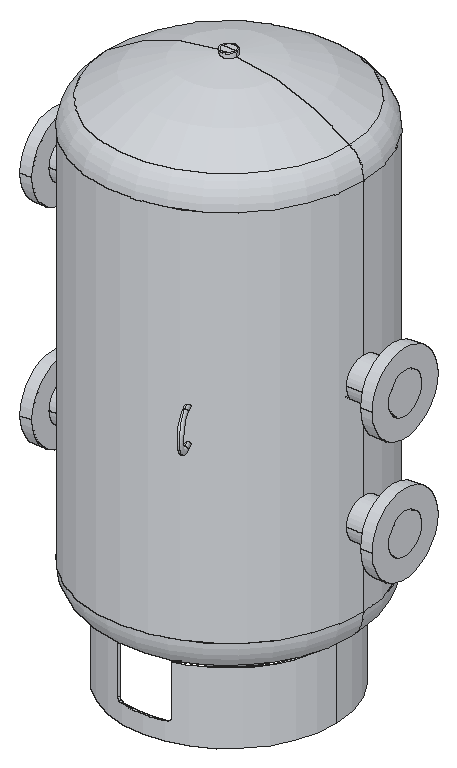
Revit family "HWBT-200-4-4-125 and 150", category Mechanical Equipment, Revit 2014
Parameters (values of type "HWBT-200-4-4-125 and 150")
  Tank Weight = "560 lbs @ 125, 617 lbs @ 150"
  Tank Volume = "200 Gal"
  Tank Height = "62 1/2\""
  Tank Diameter = "30\""
  Note = "All dimensions and weights are approximate"
  Maximum Acceptance Volume = "N/A"
  Max Operating Temp = "450° F"
  Max Operating Pressure = "125psi, or 150psi (depending on model)"
  Connector Size = "4\""
Reference planes (in)
  plane 1 "Center (Front/Back)": y = 0
  plane 2: z = 0
  plane 3 "Center (Left/Right)": x = 0
Forms (in)
  Extrusion 1, solid
    sketch origin (0, 0, 0) x (1, 0, 0) y (0, 1, 0)
      loop
        circle (0, 0) r 12
      loop
        circle (0, 0) r 11.8125
    from 0 to 8
  Extrusion 2, void
    sketch origin (0, 0, 0) x (1, 0, 0) y (0, 0, 1)
      loop
        line (-3, 8) -> (-3, 2.5)
        arc (-3, 2.5) -> (-2.85355, 2.14645) -> (-2.5, 2) r 0.5
        line (-2.5, 2) -> (2.5, 2)
        arc (2.5, 2) -> (2.85355, 2.14645) -> (3, 2.5) r 0.5
        line (3, 2.5) -> (3, 9) -> (-3, 9) -> (-3, 8)
    from 0 to 15
  Sweep 3, solid
    path origin (-1.4721, 2.49238, -12.95065) x (0.434898, -0.90048, 0) y (0, 0, 1)
      loop
        line (17.83546, 48.42089) -> (18.83546, 48.42089)
        arc (18.83546, 48.42089) -> (20.71046, 46.54589) -> (18.83546, 44.67089) r 1.875
        line (18.83546, 44.67089) -> (17.83546, 44.67089)
    profile origin (6.50194, -14.01833, 35.47024) x (0, 0, 1) y (-0.90048, -0.434898, 0)
      loop
        circle (0, 0) r 0.25
  Revolve 4, solid
    sketch origin (0, 0, 0) x (1, 0, 0) y (0, 0, 1)
      loop
        line (0, 62.94192) -> (-0.80591, 62.94192)
        arc (-0.80591, 62.94192) -> (-0.85014, 62.9236) -> (-0.86845, 62.87938) r 0.06254
        line (-0.86845, 62.87938) -> (-0.88433, 62.42476)
        arc (-0.88433, 62.42476) -> (-7.51355, 61.16163) -> (-13.4779, 58.00431) r 22.686
        arc (-13.4779, 58.00431) -> (-14.59792, 56.67722) -> (-15, 54.98786) r 3.75
        line (-15, 54.98786) -> (-15, 12.13614)
        arc (-15, 12.13614) -> (-14.59792, 10.44678) -> (-13.4779, 9.11969) r 3.75
        arc (-13.4779, 9.11969) -> (-7.51355, 5.96237) -> (-0.88433, 4.69924) r 22.686
        line (-0.88433, 4.69924) -> (-0.86845, 4.24462)
        arc (-0.86845, 4.24462) -> (-0.85014, 4.2004) -> (-0.80591, 4.18208) r 0.06254
        line (-0.80591, 4.18208) -> (0, 4.18208) -> (0, 62.94192)
      axis (0, 62.94192) -> (0, 4.18208)
    angle from 0 to 360
  Extrusion 5, solid
    sketch origin (0, 0, 0) x (0, 1, 0) y (0, 0, 1)
      loop
        circle (0, 21.5) r 2.25
      loop
        circle (0, 35.5) r 2.25
    from 0 to 19.5625
  Extrusion 6, solid
    sketch origin (0, 0, 0) x (0, 1, 0) y (0, 0, 1)
      loop
        circle (0, 21.5) r 2.25
      loop
        circle (0, 45.624) r 2.25
    from 0 to -19.5625
  Extrusion 7, solid
    sketch origin (0, 0, 0) x (0, 1, 0) y (0, 0, 1)
      loop
        circle (0, 21.5) r 4.5
      loop
        circle (0, 35.5) r 4.5
    from 18.25 to 19.5625
  Extrusion 8, solid
    sketch origin (0, 0, 0) x (0, 1, 0) y (0, 0, 1)
      loop
        circle (0, 21.5) r 4.5
      loop
        circle (0, 45.624) r 4.5
    from -18.25 to -19.5625
Cuts and joins
  Extrusion 2 cuts Extrusion 1
Dimensions and locks (in)
  aligned and locked: level to plane 2
